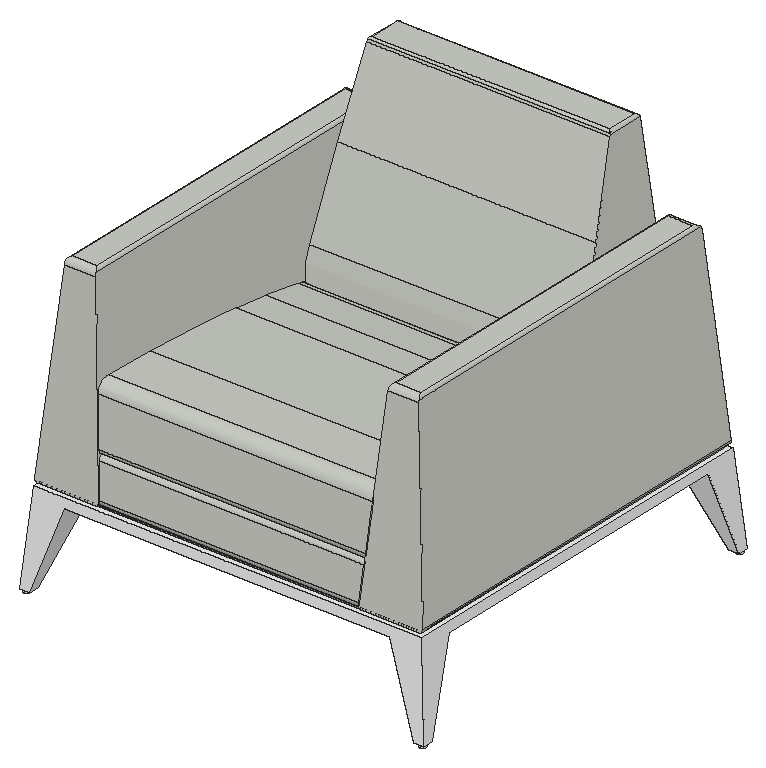
Revit family "Elan_VertexTwo_LoungeChair", category Furniture, Revit 2010
Parameters
  Width = 2' - 9"  # constant formula
  URL = "http://elanbydecca.com/"
  Upholstery [instance] = Furniture - DECCA (Elan) - Vertex - Upholstery
  Base [instance] = Furniture - DECCA (Elan) - Vertex - Base
  Product URL = "http://elanbydecca.com/PDFs/elan_tearsheet-vertex.pdf"
  Model = "VT LC310"
  Manufacturer = "Decca Contract"
  Height = 2' - 6"  # constant formula
  Description = "Vertex Two Lounge Chair"
  Depth = 2' - 9"  # constant formula
  Assembly Description = "Furniture & Accessories"
  Assembly Code = "E2020200"
Reference planes (in)
  plane 1 "Center Front/Back": y = -0.7524
  plane 2: z = 0
  plane 3 "Center Left/Right": x = 0
  plane 4 "L": x = -16
  plane 5 "R": x = 16
  plane 6 "F": y = -16.7524
  plane 7: y = 15.2476
  plane 8: through (-6.25338, 2.33237, 23.38953) normal (0.4297, -0.4297, 0.7941)
  plane 9: z = 30
  plane 10: z = 16
  plane 11: x = -15.36862
  plane 12: x = -12.58452
  plane 13: x = -15.22423
  plane 14: x = 15.36862
  plane 15: x = 15.22423
  plane 16: z = 6.69972
  plane 17 "BT": z = 7.44949
  plane 18: z = 7.70022
  plane 19: x = -10.25435
  plane 20: x = 10.25435
  plane 21: z = 23.5
  plane 22: y = 14.61374
  plane 23: y = 14.47183
  plane 24: y = -16.11854
  plane 25: y = -15.97663
  plane 26: z = 0.19972
  plane 27: through (-15.22423, -180, 0.19694) normal (-0.9397, 0, 0.342)
  plane 28: through (0, 14.47183, 0.19694) normal (0, 0.9391, 0.3436)
  plane 29: y = 11.81791
  plane 30: y = -13.32271
  plane 31: x = 12.58452
  plane 32: through (0, 13.25934, 22.69446) normal (0, 0.9964, 0.0844)
  plane 33: through (0, -15.40972, 15.47123) normal (0, 0.9964, -0.0847)
  plane 34: through (-10.60194, -180, 18.93287) normal (0.996, 0, -0.0897)
  plane 35: through (10.60194, -180, 18.93287) normal (0.996, 0, 0.0897)
  plane 36: through (-10.60194, -180, 13.06713) normal (-0.996, 0, -0.0897)
  plane 37: through (10.60194, -180, 13.06713) normal (-0.996, 0, 0.0897)
  plane 38: through (0, -14.08862, 10.99599) normal (0, 0.1045, 0.9945)
Forms (in)
  Blend 1, solid, material "Furniture - DECCA (Elan) - Vertex - Base" <- "Base"
    base sketch origin (0, 0, 8.32075) x (0, -1, 0) y (1, 0, 0)
      loop
        line (-15.2476, -16) -> (-14.47183, -16) -> (-14.47183, -15.22423) -> (-15.2476, -15.22423) -> (-15.2476, -16)
    top sketch origin (0, 0, 8.32075) x (0, -1, 0) y (1, 0, 0)
      loop
        line (-14.61374, -15.36862) -> (-11.81791, -15.36862) -> (-11.81791, -12.58452) -> (-14.61374, -12.58452) -> (-14.61374, -15.36862)
    from -8.12381 to -0.87126
  Blend 2, solid, material "Furniture - DECCA (Elan) - Vertex - Base" <- "Base"
    base sketch origin (0, -1.5048, 8.32075) x (0, -1, 0) y (1, 0, 0)
      loop
        line (15.2476, -16) -> (15.2476, -15.22423) -> (14.47183, -15.22423) -> (14.47183, -16) -> (15.2476, -16)
    top sketch origin (0, -1.5048, 8.32075) x (0, -1, 0) y (1, 0, 0)
      loop
        line (14.61374, -15.36862) -> (14.61374, -12.58452) -> (11.81791, -12.58452) -> (11.81791, -15.36862) -> (14.61374, -15.36862)
    from -8.12381 to -0.87126
  Blend 3, solid, material "Furniture - DECCA (Elan) - Vertex - Base" <- "Base"
    base sketch origin (0, -1.5048, 8.32075) x (0, 1, 0) y (-1, 0, 0)
      loop
        line (-15.2476, -16) -> (-14.47183, -16) -> (-14.47183, -15.22423) -> (-15.2476, -15.22423) -> (-15.2476, -16)
    top sketch origin (0, -1.5048, 8.32075) x (0, 1, 0) y (-1, 0, 0)
      loop
        line (-14.61374, -15.36862) -> (-11.81791, -15.36862) -> (-11.81791, -12.58452) -> (-14.61374, -12.58452) -> (-14.61374, -15.36862)
    from -8.12381 to -0.87126
  Blend 4, solid, material "Furniture - DECCA (Elan) - Vertex - Base" <- "Base"
    base sketch origin (0, 0, 8.32075) x (0, 1, 0) y (-1, 0, 0)
      loop
        line (15.2476, -16) -> (15.2476, -15.22423) -> (14.47183, -15.22423) -> (14.47183, -16) -> (15.2476, -16)
    top sketch origin (0, 0, 8.32075) x (0, 1, 0) y (-1, 0, 0)
      loop
        line (14.61374, -15.36862) -> (14.61374, -12.58452) -> (11.81791, -12.58452) -> (11.81791, -15.36862) -> (14.61374, -15.36862)
    from -8.12381 to -0.87126
  Extrusion 5, solid, material "Furniture - DECCA (Elan) - Vertex - Base" <- "Base"
    sketch origin (0, 0, 0) x (0, 1, 0) y (0, 0, 1)
      loop
        line (14.67927, 6.69972) -> (14.61374, 7.44949) -> (11.81791, 7.44949) -> (11.81791, 6.69972) -> (14.67927, 6.69972)
    from -15.36862 to 15.36862
  Extrusion 6, solid, material "Furniture - DECCA (Elan) - Vertex - Base" <- "Base"
    sketch origin (0, -1.5048, 0) x (0, -1, 0) y (0, 0, -1)
      loop
        line (14.67927, -6.69972) -> (11.81791, -6.69972) -> (11.81791, -7.44949) -> (14.61374, -7.44949) -> (14.67927, -6.69972)
    from -15.36862 to 15.36862
  Extrusion 7, solid, material "Furniture - DECCA (Elan) - Vertex - Base" <- "Base"
    sketch origin (0, -16.42176, 0) x (1, 0, 0) y (0, 0, -1)
      loop
        line (-15.43389, -6.69972) -> (-15.36862, -7.44949) -> (-12.58452, -7.44949) -> (-12.58452, -6.69972) -> (-15.43389, -6.69972)
      loop
        line (15.36862, -7.44949) -> (15.43389, -6.69972) -> (12.58452, -6.69972) -> (12.58452, -7.44949) -> (15.36862, -7.44949)
    from 0.30321 to 31.0355
  Extrusion 8, solid, material "Furniture - DECCA (Elan) - Vertex - Base" <- "Base"
    sketch origin (0, 0, 8.32075) x (0, -1, 0) y (1, 0, 0)
      loop
        circle (16.43547, 15.68431) r 0.25
      loop
        circle (16.43547, -15.68431) r 0.25
      loop
        circle (-14.93067, -15.68431) r 0.25
      loop
        circle (-14.93067, 15.68431) r 0.25
    from -8.32075 to -8.12102
  Extrusion 9, solid, material "Furniture - DECCA (Elan) - Vertex - Upholstery" <- "Upholstery"
    sketch origin (0, -16.42176, 0) x (1, 0, 0) y (0, 0, -1)
      loop
        line (-13.76398, -23.5) -> (-11.859, -23.5)
        arc (-11.859, -23.5) -> (-11.69006, -23.43428) -> (-11.60994, -23.27168) r 0.25
        line (-11.60994, -23.27168) -> (-10.278, -7.9719)
        arc (-10.278, -7.9719) -> (-10.34278, -7.78128) -> (-10.52706, -7.70022) r 0.25
        line (-10.52706, -7.70022) -> (-15.09591, -7.70022)
        arc (-15.09591, -7.70022) -> (-15.2802, -7.78128) -> (-15.34497, -7.9719) r 0.25
        line (-15.34497, -7.9719) -> (-14.01304, -23.27168)
        arc (-14.01304, -23.27168) -> (-13.93292, -23.43428) -> (-13.76398, -23.5) r 0.25
      loop
        line (10.278, -7.9719) -> (11.60994, -23.27168)
        arc (11.60994, -23.27168) -> (11.69006, -23.43428) -> (11.859, -23.5) r 0.25
        line (11.859, -23.5) -> (13.76398, -23.5)
        arc (13.76398, -23.5) -> (13.93292, -23.43428) -> (14.01304, -23.27168) r 0.25
        line (14.01304, -23.27168) -> (15.34497, -7.9719)
        arc (15.34497, -7.9719) -> (15.2802, -7.78128) -> (15.09591, -7.70022) r 0.25
        line (15.09591, -7.70022) -> (10.52706, -7.70022)
        arc (10.52706, -7.70022) -> (10.34278, -7.78128) -> (10.278, -7.9719) r 0.25
    from -0.33064 to 31.66936
  Extrusion 10, void
    sketch origin (0, 0, 0) x (0, 1, 0) y (0, 0, 1)
      loop
        line (14.55053, 7.44949) -> (16.4976, 7.44949) -> (16.4976, 30) -> (-18.0024, 30) -> (-18.0024, 7.44949) -> (-16.09189, 7.44949) -> (-14.76587, 23.04237)
        arc (-14.76587, 23.04237) -> (-14.60591, 23.36823) -> (-14.26767, 23.5) r 0.5
        line (-14.26767, 23.5) -> (12.73167, 23.5)
        arc (12.73167, 23.5) -> (13.06998, 23.36817) -> (13.22989, 23.0422) r 0.5
        line (13.22989, 23.0422) -> (14.55053, 7.44949)
    from -16 to 16
  Extrusion 11, solid, material "Furniture - DECCA (Elan) - Vertex - Upholstery" <- "Upholstery"
    sketch origin (0, 0, 0) x (0, 1, 0) y (0, 0, 1)
      loop
        line (12.41087, 30) -> (9.97402, 30)
        arc (9.97402, 30) -> (9.83242, 29.95603) -> (9.74063, 29.83959) r 0.25
        line (9.74063, 29.83959) -> (9.67423, 29.66662)
        arc (9.67423, 29.66662) -> (8.52817, 26.51784) -> (7.4927, 23.33098) r 96
        line (7.4927, 23.33098) -> (5.46904, 16.71189)
        arc (5.46904, 16.71189) -> (5.16239, 15.47882) -> (4.98785, 14.22024) r 12
        line (4.98785, 14.22024) -> (4.45645, 7.9714)
        arc (4.45645, 7.9714) -> (4.52143, 7.7811) -> (4.70555, 7.70022) r 0.25
        line (4.70555, 7.70022) -> (14.25723, 7.70022)
        arc (14.25723, 7.70022) -> (14.44131, 7.78107) -> (14.50633, 7.97132) r 0.25
        line (14.50633, 7.97132) -> (12.65997, 29.7711)
        arc (12.65997, 29.7711) -> (12.58002, 29.93409) -> (12.41087, 30) r 0.25
    from -12.58452 to 12.58452
  Extrusion 12, void
    sketch origin (0, -16.42176, 0) x (1, 0, 0) y (0, 0, -1)
      loop
        line (-9.62574, -29.77242) -> (-10.8271, -16.43269)
        arc (-10.8271, -16.43269) -> (-10.87546, -15.37421) -> (-10.83026, -14.3156) r 12
        line (-10.83026, -14.3156) -> (-10.23252, -7.44949) -> (-15.36862, -7.44949) -> (-15.36862, -32) -> (15.36862, -32) -> (15.36862, -7.70022) -> (10.25435, -7.70022) -> (10.83026, -14.3156)
        arc (10.83026, -14.3156) -> (10.87546, -15.37421) -> (10.8271, -16.43269) r 12
        line (10.8271, -16.43269) -> (9.62574, -29.77242)
        arc (9.62574, -29.77242) -> (9.54541, -29.93453) -> (9.37675, -30) r 0.25
        line (9.37675, -30) -> (-9.37675, -30)
        arc (-9.37675, -30) -> (-9.54541, -29.93453) -> (-9.62574, -29.77242) r 0.25
    from 0 to 32.91936
  Extrusion 13, solid, material "Furniture - DECCA (Elan) - Vertex - Upholstery" <- "Upholstery"
    sketch origin (0, 0, 0) x (0, 1, 0) y (0, 0, 1)
      loop
        arc (4.96754, 13.98136) -> (4.89506, 14.23656) -> (4.67185, 14.37994) r 0.375
        line (4.67185, 14.37994) -> (4.26998, 14.46537)
        arc (4.26998, 14.46537) -> (2.72687, 14.75833) -> (1.17245, 14.98371) r 36
        line (1.17245, 14.98371) -> (-1.81029, 15.34995)
        arc (-1.81029, 15.34995) -> (-5.97767, 15.76958) -> (-10.15939, 16.00704) r 96
        line (-10.15939, 16.00704) -> (-14.39805, 16.15505)
        arc (-14.39805, 16.15505) -> (-15.09648, 15.90381) -> (-15.42935, 15.2404) r 1
        line (-15.42935, 15.2404) -> (-16.03598, 8.107)
        arc (-16.03598, 8.107) -> (-15.9385, 7.82154) -> (-15.66233, 7.70022) r 0.375
        line (-15.66233, 7.70022) -> (4.14633, 7.70022)
        arc (4.14633, 7.70022) -> (4.35773, 7.78258) -> (4.45771, 7.98624) r 0.3125
        line (4.45771, 7.98624) -> (4.96754, 13.98136)
    from -12.58452 to 12.58452
  Sweep 14, solid, material "Furniture - DECCA (Elan) - Vertex - Base" <- "Base"
    path origin (0, 0, 7.44949) x (0, -1, 0) y (1, 0, 0)
      loop
        line (-11.81791, 12.58452) -> (-11.81791, -12.58452) -> (13.32271, -12.58452) -> (13.32271, 12.58452) -> (-11.81791, 12.58452)
    profile origin (0, 11.81791, 7.44949) x (0, -1, 0) y (0, 0, 1)
      loop
        line (-0.59791, 0) -> (-0.59791, 0.25073) -> (-2.59791, 0.25073) -> (-2.34718, 0) -> (-0.59791, 0)
  Extrusion 15, void
    sketch origin (0, 0, 0) x (0, 1, 0) y (0, 0, 1)
      loop
        arc (-15.40157, 11.14149) -> (-15.65648, 11.2734) -> (-15.74345, 11.54692) r 0.375
        arc (-15.74345, 11.54692) -> (-16.14887, 11.20504) -> (-15.807, 10.79961) r 0.375
        arc (-15.807, 10.79961) -> (-15.67509, 11.05452) -> (-15.40157, 11.14149) r 0.375
    from -12.58452 to 12.58452
Cuts and joins
  Extrusion 10 cuts Blend 1
  Extrusion 10 cuts Blend 2
  Extrusion 10 cuts Blend 3
  Extrusion 10 cuts Blend 4
  Extrusion 10 cuts Extrusion 5
  Extrusion 10 cuts Extrusion 6
  Extrusion 10 cuts Extrusion 7
  Extrusion 10 cuts Extrusion 8
  joined: Blend 1, Blend 2, Blend 3, Blend 4, Extrusion 5, Extrusion 6, Extrusion 7, Extrusion 8, Sweep 14
  Extrusion 10 cuts Extrusion 9
  Extrusion 12 cuts Extrusion 11
  Extrusion 12, Extrusion 15 cuts Extrusion 13
Lines and regions (in)
  model lines
    curve 1: line (15.36862, 14.61374, 7.44949) -> (12.85741, 14.67927, 6.69972)
    curve 2: line (-12.85741, 14.67927, 6.69972) -> (-15.36862, 14.61374, 7.44949)
    curve 3: line (15.36862, -16.11854, 7.44949) -> (15.43389, -13.59707, 6.69972)
    curve 4: line (15.43389, 12.09227, 6.69972) -> (15.36862, 14.61374, 7.44949)
    curve 5: line (-15.36862, 14.61374, 7.44949) -> (-15.43389, 12.09227, 6.69972)
    curve 6: line (-15.43389, -13.59707, 6.69972) -> (-15.36862, -16.11854, 7.44949)
    curve 7: line (12.85741, -16.18407, 6.69972) -> (15.36862, -16.11854, 7.44949)
    curve 8: line (-15.36862, -16.11854, 7.44949) -> (-12.85741, -16.18407, 6.69972)
Dimensions and locks (in)
  equal spacing: plane 4 "L", plane 3 "Center Left/Right", plane 5 "R"
  equal spacing: plane 7, plane 1 "Center Front/Back", plane 6 "F"
  "Height": plane 9 to level
  plane 18 to plane 17 "BT" to plane 16 to level = 0' - 0.25073" locked, 0' - 0.74977" locked, 0' - 6.69972" locked
  plane 12 to plane 13 to plane 11 to plane 4 "L" = 0' - 2.63971" locked, 0' - 0.14439" locked, 0' - 0.63138" locked
  locked: plane 19 to plane 4 "L" at 5.74565
  locked: plane 5 "R" to plane 20 at 5.74565
  locked: plane 10 to level at 16
  locked: plane 21 to level at 23.5
  locked: plane 26 to level at 0.19972
  plane 7 to plane 22 to plane 23 to plane 29 = 0' - 0.63386" locked, 0' - 0.14191" locked, 0' - 2.65392" locked
  plane 30 to plane 25 to plane 24 to plane 6 "F" = 0' - 2.65392" locked, 0' - 0.14191" locked, 0' - 0.63386" locked
  plane 31 to plane 15 to plane 14 to plane 5 "R" = 0' - 2.63971" locked, 0' - 0.14439" locked, 0' - 0.63138" locked
  aligned and locked: Blend 2 sketch curve to plane 4 "L"
  aligned and locked: Blend 2 sketch curve to plane 6 "F"
  aligned and locked: plane 13 to Blend 2 sketch curve
  aligned and locked: plane 25 to Blend 2 sketch curve
  aligned and locked: Blend 2 sketch curve to plane 24
  aligned and locked: plane 12 to Blend 2 sketch curve
  aligned and locked: plane 30 to Blend 2 sketch curve
  aligned and locked: Blend 2 sketch curve to plane 11
  aligned and locked: Blend 3 sketch curve to plane 25
  aligned and locked: Blend 3 sketch curve to plane 15
  aligned and locked: plane 6 "F" to Blend 3 sketch curve
  aligned and locked: plane 5 "R" to Blend 3 sketch curve
  aligned and locked: plane 24 to Blend 3 sketch curve
  aligned and locked: plane 14 to Blend 3 sketch curve
  aligned and locked: Blend 3 sketch curve to plane 31
  aligned and locked: Blend 3 sketch curve to plane 30
  aligned and locked: plane 7 to Blend 4 sketch curve
  aligned and locked: Blend 4 sketch curve to plane 5 "R"
  aligned and locked: plane 23 to Blend 4 sketch curve
  aligned and locked: plane 15 to Blend 4 sketch curve
  aligned and locked: Blend 4 sketch curve to plane 22
  aligned and locked: Blend 4 sketch curve to plane 14
  aligned and locked: plane 29 to Blend 4 sketch curve
  aligned and locked: plane 31 to Blend 4 sketch curve
  aligned and locked: Blend 1 to Extrusion 5 sketch curve
  aligned and locked: plane 16 to Extrusion 5 sketch curve
  aligned and locked: plane 17 "BT" to Extrusion 5 sketch curve
  aligned and locked: Extrusion 5 sketch curve to plane 29
  aligned and locked: Extrusion 5 to plane 11
  aligned and locked: Extrusion 5 to plane 14
  aligned and locked: Extrusion 6 to plane 11
  aligned and locked: Extrusion 6 to plane 14
  aligned and locked: plane 12 to Extrusion 7 sketch curve
  aligned and locked: plane 16 to Extrusion 7 sketch curve  (x2)
  aligned and locked: plane 17 "BT" to Extrusion 7 sketch curve  (x2)
  aligned and locked: Extrusion 7 sketch curve to plane 31
  aligned and locked: Extrusion 7 to plane 22
  aligned and locked: Extrusion 7 to plane 24
  aligned and locked: Extrusion 8 to level
  aligned and locked: Extrusion 8 to plane 26
  aligned and locked: plane 21 to Extrusion 9 sketch curve  (x2)
  aligned and locked: plane 18 to Extrusion 9 sketch curve  (x2)
  aligned and locked: Extrusion 10 sketch curve to plane 32
  aligned and locked: plane 9 to Extrusion 10 sketch curve
  aligned and locked: plane 17 "BT" to Extrusion 10 sketch curve
  aligned and locked: plane 33 to Extrusion 10 sketch curve
  aligned and locked: Extrusion 10 to plane 4 "L"
  aligned and locked: Extrusion 10 to plane 5 "R"
  aligned and locked: plane 9 to Extrusion 11 sketch curve
  aligned and locked: plane 32 to Extrusion 11 sketch curve
  aligned and locked: plane 18 to Extrusion 11 sketch curve
  aligned and locked: Extrusion 11 to plane 12
  aligned and locked: plane 34 to Extrusion 12 sketch curve
  aligned and locked: Extrusion 12 sketch curve to plane 35
  aligned and locked: plane 11 to Extrusion 12 sketch curve
  aligned and locked: Extrusion 12 sketch curve to plane 14
  aligned and locked: plane 17 "BT" to Extrusion 12 sketch curve
  aligned and locked: plane 9 to Extrusion 12 sketch curve
  aligned and locked: plane 18 to Extrusion 12 sketch curve
  aligned and locked: cut or joined group of Extrusion 11, Extrusion 12 to Extrusion 13 sketch curve
  aligned and locked: plane 18 to Extrusion 13 sketch curve
  aligned and locked: plane 33 to Extrusion 13 sketch curve
  aligned and locked: Extrusion 13 to plane 12
  aligned and locked: plane 29 to Sweep 14 sketch curve
  aligned and locked: Sweep 14 sketch curve to plane 30
  aligned and locked: Sweep 14 sketch curve to plane 31
  aligned and locked: plane 12 to Sweep 14 sketch curve
  aligned and locked: plane 21 to Extrusion 10 sketch curve
Automatic sketch dimensions
  Blend 1 sketch curve to plane 7 = 0' - 0"
  Blend 1 sketch curve to plane 4 "L" = 0' - 0"
  plane 23 to Blend 1 sketch curve = 0' - 0"
  Blend 1 sketch curve to plane 13 = 0' - 0"
  Blend 1 sketch curve to plane 12 = 0' - 0"
  plane 22 to Blend 1 sketch curve = 0' - 0"
  Blend 1 sketch curve to plane 11 = 0' - 0"
  plane 29 to Blend 1 sketch curve = 0' - 0"
  Extrusion 5 to curve 1 = 0' - 0"  (x2)
  Extrusion 5 to curve 2 = 0' - 0"
  curve 1 to Extrusion 5 = 0' - 0"
  curve 2 to Extrusion 5 = 0' - 0"  (x2)
  Extrusion 5 to curve 2 = 0' - 2.51122"
  Extrusion 5 to curve 1 = 0' - 2.51122"
  plane 17 "BT" to Extrusion 6 sketch curve = 0' - 0"
  Extrusion 6 sketch curve to plane 30 = 0' - 0"
  plane 16 to Extrusion 6 sketch curve = 0' - 0"
  Extrusion 6 sketch curve to plane 24 = 0' - 0"
  plane 24 to Extrusion 6 sketch curve = 0' - 0.06553"
  Extrusion 7 sketch curve to plane 11 = 0' - 0"
  plane 11 to Extrusion 7 sketch curve = 0' - 0.06527"
  Extrusion 7 sketch curve to plane 14 = 0' - 0"
  plane 14 to Extrusion 7 sketch curve = 0' - 0.06527"
  curve 3 to Blend 4 = 0' - 0"
  Blend 4 to curve 4 = 0' - 0"
  curve 4 to Blend 4 = 0' - 0"  (x2)
  Blend 4 to curve 4 = 0' - 0.7526"
  Blend 4 to curve 3 = 0' - 0.7526"
  curve 3 to curve 4 = 2' - 1.68934"
  curve 3 to curve 3 = 0' - 2.52147"
  curve 5 to Blend 1 = 0' - 0"
  Blend 1 to curve 5 = 0' - 0"  (x2)
  curve 6 to Blend 1 = 0' - 0"
  Blend 1 to curve 5 = 0' - 0.7526"
  Blend 1 to curve 6 = 0' - 0.7526"
  curve 5 to curve 6 = 2' - 1.68934"
  curve 6 to curve 6 = 0' - 2.52147"
  Blend 2 to curve 8 = 0' - 0"  (x2)
  Blend 2 to curve 7 = 0' - 0"
  curve 8 to Blend 2 = 0' - 0"
  Blend 2 to curve 8 = 0' - 0.75262"
  Blend 2 to curve 7 = 0' - 0.75262"
  curve 8 to curve 7 = 2' - 1.71482"
  curve 7 to curve 7 = 0' - 2.51122"
  Extrusion 8 sketch curve to plane 7 = 0' - 0.31693"  (x2)
  plane 6 "F" to Extrusion 8 sketch curve = 0' - 0.31693"  (x2)
  plane 4 "L" to Extrusion 8 sketch curve = 0' - 0.31569"  (x2)
  plane 5 "R" to Extrusion 8 sketch curve = 0' - 0.31569"  (x2)
  Extrusion 9 sketch curve to plane 11 = 0' - 0.02365"
  Extrusion 9 sketch curve to plane 13 = 0' - 0.12832"
  plane 21 to Extrusion 9 sketch curve = 0' - 0.22832"  (x2)
  Extrusion 9 sketch curve to plane 13 = 0' - 1.21119"
  Extrusion 9 sketch curve to Extrusion 9 sketch curve = 0' - 0.24906"  (x5)
  Extrusion 9 sketch curve to plane 12 = 0' - 0.72552"
  Extrusion 9 sketch curve to plane 19 = 0' - 0.27271"
  Extrusion 9 sketch curve to plane 19 = 0' - 0.02365"
  Extrusion 9 sketch curve to plane 20 = 0' - 0.02365"
  Extrusion 9 sketch curve to plane 31 = 0' - 0.97458"
  plane 31 to Extrusion 9 sketch curve = 0' - 1.17946"
  Extrusion 9 sketch curve to plane 15 = 0' - 0.12832"
  Extrusion 9 sketch curve to plane 14 = 0' - 0.02365"
  Extrusion 9 sketch curve to Extrusion 9 sketch curve = 0' - 0 1/4"  (x6)
  Extrusion 11 sketch curve to plane 1 "Center Front/Back" = 0' - 5.20885"
  Extrusion 11 sketch curve to Extrusion 11 sketch curve = 0' - 0.2491"
  Extrusion 11 sketch curve to plane 10 = 0' - 1.77976"
  Extrusion 11 sketch curve to plane 1 "Center Front/Back" = 0' - 5.74025"
  plane 10 to Extrusion 11 sketch curve = 0' - 0.71189"
  Extrusion 11 sketch curve to Extrusion 11 sketch curve = 0' - 0.48119"
  Extrusion 11 sketch curve to plane 21 = 0' - 0.16902"
  plane 29 to Extrusion 11 sketch curve = 0' - 4.32522"
  Extrusion 11 sketch curve to plane 9 = 0' - 0.33338"
  Extrusion 11 sketch curve to Extrusion 11 sketch curve = 0' - 2.18154"
  Extrusion 11 sketch curve to plane 9 = 0' - 0.16041"
  Extrusion 11 sketch curve to Extrusion 11 sketch curve = 0' - 0 17/256"
  Extrusion 11 sketch curve to Extrusion 11 sketch curve = 0' - 0.2334"
  Extrusion 11 sketch curve to plane 9 = 0' - 0 1/4"
  Extrusion 11 sketch curve to plane 9 = 0' - 0.2289"
  plane 23 to Extrusion 11 sketch curve = 0' - 0.21461"
  Extrusion 11 sketch curve to plane 23 = 0' - 0.0345"
  plane 7 to Extrusion 11 sketch curve = 0' - 1.69709"
  Extrusion 11 sketch curve to level = 0' - 4.73671"
  Extrusion 11 sketch curve to Extrusion 11 sketch curve = 0' - 0.02118"
  Extrusion 13 sketch curve to plane 25 = 0' - 0.05935"
  plane 25 to Extrusion 13 sketch curve = 0' - 0.3143"
  Extrusion 13 sketch curve to plane 10 = 0' - 0.7596"
  Extrusion 13 sketch curve to Extrusion 13 sketch curve = 0' - 0.9964"
  plane 10 to Extrusion 13 sketch curve = 0' - 0.15505"
  Extrusion 13 sketch curve to Extrusion 13 sketch curve = 0' - 0.0349"
  Extrusion 13 sketch curve to plane 30 = 0' - 0.18703"
  plane 10 to Extrusion 13 sketch curve = 0' - 0.00704"
  plane 30 to Extrusion 13 sketch curve = 0' - 3.16332"
  plane 1 "Center Front/Back" to Extrusion 13 sketch curve = 0' - 2.46245"
  Extrusion 13 sketch curve to plane 10 = 0' - 0.65005"
  plane 1 "Center Front/Back" to Extrusion 13 sketch curve = 0' - 1.05789"
  Extrusion 13 sketch curve to plane 10 = 0' - 1.01629"
  Extrusion 13 sketch curve to plane 1 "Center Front/Back" = 0' - 1.92485"
  Extrusion 13 sketch curve to plane 18 = 0' - 0 5/16"
  Extrusion 13 sketch curve to plane 10 = 0' - 1.53463"
  Extrusion 13 sketch curve to Extrusion 13 sketch curve = 0' - 3.09752"
  Extrusion 13 sketch curve to plane 18 = 0' - 0.28602"
  Extrusion 13 sketch curve to Extrusion 13 sketch curve = 0' - 0.32391"
  Extrusion 13 sketch curve to plane 10 = 0' - 1.62006"
  Extrusion 13 sketch curve to Extrusion 13 sketch curve = 0' - 0.07797"
  Extrusion 13 sketch curve to Extrusion 13 sketch curve = 0' - 0.37365"
  plane 17 "BT" to Sweep 14 sketch curve = 0' - 0"
  Sweep 14 sketch curve to plane 17 "BT" = 0' - 0.25073"
  profile plane to Sweep 14 sketch curve = 0' - 2.59791"
  Sweep 14 sketch curve to Sweep 14 sketch curve = 0' - 0.25073"
  profile plane to Sweep 14 sketch curve = 0' - 0.59791"
  plane 17 "BT" to Extrusion 10 sketch curve = 0' - 0"
  Extrusion 10 sketch curve to plane 6 "F" = 0' - 1 1/4"
  Extrusion 10 sketch curve to plane 21 = 0' - 0.45763"
  Extrusion 10 sketch curve to Extrusion 10 sketch curve = 0' - 0.4982"
  Extrusion 10 sketch curve to plane 21 = 0' - 0 1/2"
  Extrusion 10 sketch curve to plane 21 = 0' - 0.4578"
  plane 7 to Extrusion 10 sketch curve = 0' - 1 1/4"
  Extrusion 12 sketch curve to plane 20 = 0' - 0"
  Extrusion 12 sketch curve to plane 12 = 0' - 11.45999"
  Extrusion 12 sketch curve to plane 19 = 0' - 0.57591"
  Extrusion 12 sketch curve to plane 10 = 0' - 0.43269"
  plane 19 to Extrusion 12 sketch curve = 0' - 0.02183"
  plane 9 to Extrusion 12 sketch curve = 0' - 0.22758"  (x2)
  Extrusion 12 sketch curve to Extrusion 12 sketch curve = 0' - 0.24899"
  Extrusion 12 sketch curve to plane 3 "Center Left/Right" = 0' - 1.12453"
  plane 20 to Extrusion 12 sketch curve = 0' - 0.8776"
  Extrusion 12 sketch curve to plane 20 = 0' - 0.57275"
  Extrusion 12 sketch curve to plane 20 = 0' - 0.57591"
  plane 10 to Extrusion 12 sketch curve = 0' - 1.6844"
  Extrusion 12 sketch curve to Extrusion 12 sketch curve = 0' - 1.04073"
  Extrusion 12 sketch curve to plane 9 = 0' - 2"
  plane 33 to Extrusion 15 sketch curve = 0' - 0"  (x4)
  Extrusion 15 sketch curve to plane 38 = 0' - 0"
  plane 25 to Extrusion 15 sketch curve = 0' - 0.16963"
  Extrusion 15 sketch curve to Extrusion 15 sketch curve = 0' - 0.03178"  (x2)
  Extrusion 15 sketch curve to Extrusion 15 sketch curve = 0' - 0.37365"  (x2)
  Extrusion 15 sketch curve to Extrusion 15 sketch curve = 0' - 0"  (x2)
  radius of Extrusion 8 sketch curve = 0' - 0 1/4"  (x4)
